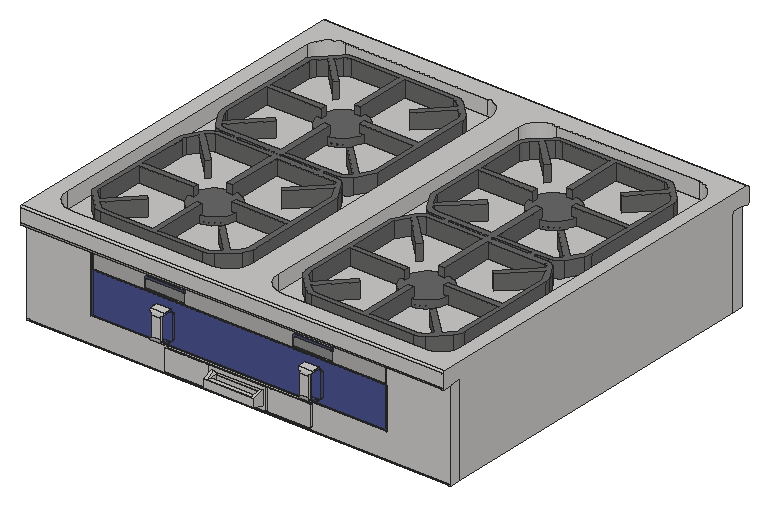
Revit family "QF_ELECTROLUXPROFESSIONAL_593315_MCGHAAJOVI", category Specialty Equipment, Revit 2018 (continued)
Definition of nested family "EG_900_1000_Double Range Control Handle Front Panel"
  Definition of nested family "glass conrol panel"
    Reference planes
      plane 1 "Center (Front/Back)": y = 0
      plane 2: z = 0
      plane 3 "Center (Left/Right)": x = 0
    Forms (mm)
      Extrusion 1, solid
        sketch origin (378.286, 0, 0.617) x (1, 0, 0) y (0, 0, 1)
          loop
            line (-728.286, 806.791) -> (-728.286, 708.497) -> (-28.286, 708.497) -> (-28.286, 806.791) -> (-728.286, 806.791)
        from 300.031 to 304.8
      Extrusion 2, solid
        sketch origin (378.286, 0, 0.617) x (1, 0, 0) y (0, 0, 1)
          loop
            line (-728.286, 850.497) -> (-728.286, 806.791) -> (-28.286, 806.791) -> (-28.286, 850.497) -> (-728.286, 850.497)
        from 300.031 to 304.8
      Extrusion 3, void
        sketch origin (378.286, 0, 0.617) x (1, 0, 0) y (0, 0, 1)
          loop
            line (-725.628, 847.565) -> (-725.628, 710.699) -> (-31.196, 710.699) -> (-31.196, 847.565) -> (-725.628, 847.565)
        from 303.697 to 304.8
      Extrusion 4, solid
        sketch origin (-483.309, 1.101, -0.633) x (-1, 0, 0) y (0, 0, -1)
          loop
            line (-261.431, -812.62) -> (-355.186, -812.62) -> (-355.186, -834.177) -> (-350.269, -834.177) -> (-348.469, -835.977) -> (-268.039, -835.977) -> (-266.24, -834.177) -> (-261.431, -834.177) -> (-261.431, -812.62)
        from 304.798 to 306.745
      Extrusion 5, solid
        sketch origin (-483.309, 1.101, -0.633) x (-1, 0, 0) y (0, 0, -1)
          loop
            line (-350.269, -834.177) -> (-355.078, -834.177)
            arc (-355.078, -834.177) -> (-353.942, -838.747) -> (-349.686, -840.763) r 5.5
            line (-349.686, -840.763) -> (-266.98, -840.763)
            arc (-266.98, -840.763) -> (-262.706, -838.752) -> (-261.529, -834.177) r 5.549
            line (-261.529, -834.177) -> (-266.24, -834.177) -> (-268.039, -835.977) -> (-348.469, -835.977) -> (-350.269, -834.177)
        from 304.798 to 306.745
      Extrusion 6, solid
        sketch origin (483.309, 1.101, -0.633) x (1, 0, 0) y (0, 0, 1)
          loop
            line (-261.431, 812.62) -> (-261.431, 834.177) -> (-266.24, 834.177) -> (-268.039, 835.977) -> (-348.469, 835.977) -> (-350.269, 834.177) -> (-355.186, 834.177) -> (-355.186, 812.62) -> (-261.431, 812.62)
        from 304.798 to 306.745
      Extrusion 7, solid
        sketch origin (483.309, 1.101, -0.633) x (1, 0, 0) y (0, 0, 1)
          loop
            line (-350.269, 834.177) -> (-348.469, 835.977) -> (-268.039, 835.977) -> (-266.24, 834.177) -> (-261.529, 834.177)
            arc (-261.529, 834.177) -> (-262.706, 838.752) -> (-266.98, 840.763) r 5.549
            line (-266.98, 840.763) -> (-349.686, 840.763)
            arc (-349.686, 840.763) -> (-353.942, 838.747) -> (-355.078, 834.177) r 5.5
            line (-355.078, 834.177) -> (-350.269, 834.177)
        from 304.798 to 306.745
    Cuts and joins
      Extrusion 3 cuts Extrusion 1
      Extrusion 3 cuts Extrusion 2
    Dimensions and locks
      aligned and locked: Extrusion 1 to Extrusion 2
      aligned and locked: Extrusion 5 sketch curve to Extrusion 4  (x5)
      aligned and locked: Extrusion 5 to Extrusion 4
      aligned and locked: Extrusion 7 sketch curve to Extrusion 6  (x4)
      aligned and locked: Extrusion 6 to Extrusion 7 sketch curve
      aligned and locked: Extrusion 7 to Extrusion 6
  Definition of nested family "grease trap door"
    Reference planes
      plane 1 "Center (Front/Back)": y = 0
      plane 2: z = 0
      plane 3 "Center (Left/Right)": x = 0
      plane 4: y = -20
    Forms (mm)
      Extrusion 1, solid
        sketch origin (1627.55, 854.203, -1.25) x (1, 0, 0) y (0, 0, 1)
          loop
            arc (-1627.55, 661.235) -> (-1626.972, 659.84) -> (-1625.577, 659.262) r 1.973
            line (-1625.577, 659.262) -> (-1494.325, 659.262)
            arc (-1494.325, 659.262) -> (-1492.156, 660.16) -> (-1491.258, 662.329) r 3.067
            line (-1491.258, 662.329) -> (-1491.258, 708.803)
            arc (-1491.258, 708.803) -> (-1492.414, 710.143) -> (-1494.111, 710.642) r 3.133
            line (-1494.111, 710.642) -> (-1625.486, 710.642)
            arc (-1625.486, 710.642) -> (-1626.945, 710.038) -> (-1627.55, 708.579) r 2.063
            line (-1627.55, 708.579) -> (-1627.55, 661.235)
        from 856.795 to 859.203
      Extrusion 2, solid
        sketch origin (445.874, 2476.61, 0) x (0, 1, 0) y (0, 0, 1)
          loop
            line (-2506.377, 675.273) -> (-2481.61, 667.505) -> (-2481.61, 700.995) -> (-2506.377, 693.227) -> (-2506.377, 675.273)
        from -437.68 to -317.68
      Extrusion 3, void
        sketch origin (1627.55, 854.203, -1.25) x (1, 0, 0) y (0, 0, 1)
          loop
            line (-1614.883, 703) -> (-1610.542, 695.433) -> (-1508.17, 695.433) -> (-1503.828, 703) -> (-1614.883, 703)
          loop
            line (-1614.883, 668) -> (-1502.669, 668) -> (-1507.01, 675.567) -> (-1610.542, 675.567) -> (-1614.883, 668)
        from 832.916 to 883.97
      Extrusion 4, void
        sketch origin (447.55, 854.203, -1.25) x (1, 0, 0) y (0, 0, 1)
          loop
            line (-430.542, 695.433) -> (-430.542, 675.567) -> (-328.17, 675.567) -> (-328.17, 695.433) -> (-430.542, 695.433)
        from 859.203 to 874.202
      Extrusion 5, solid
        sketch origin (1627.55, 854.203, -1.25) x (1, 0, 0) y (0, 0, 1)
          loop
            arc (-1731.556, 661.235) -> (-1730.978, 659.84) -> (-1729.583, 659.262) r 1.973
            line (-1729.583, 659.262) -> (-1390.623, 659.262)
            arc (-1390.623, 659.262) -> (-1388.454, 660.16) -> (-1387.556, 662.329) r 3.067
            line (-1387.556, 662.329) -> (-1387.556, 708.803)
            arc (-1387.556, 708.803) -> (-1388.712, 710.143) -> (-1390.409, 710.642) r 3.133
            line (-1390.409, 710.642) -> (-1729.493, 710.642)
            arc (-1729.493, 710.642) -> (-1730.952, 710.038) -> (-1731.556, 708.579) r 2.063
            line (-1731.556, 708.579) -> (-1731.556, 661.235)
        from 854.203 to 856.795
    Cuts and joins
      Extrusion 3 cuts Extrusion 1
      Extrusion 3, Extrusion 4 cuts Extrusion 2
      joined: Extrusion 1, Extrusion 2
    Lines and regions (mm)
      model lines
        curve 1: line (67.599, 0, 658.012) -> (67.599, 0, 709.392)
      symbolic lines
        curve 2: line (8.194, -20, 0) -> (8.194, -29.767, 0)
        curve 3: line (8.194, -29.767, 0) -> (128.194, -29.767, 0)
        curve 4: line (128.194, -29.767, 0) -> (128.194, -20, 0)
    Dimensions and locks
      aligned and locked: Extrusion 2 to Extrusion 1
      aligned and locked: Extrusion 3 to Extrusion 2
      aligned and locked: Extrusion 4 to Extrusion 1
